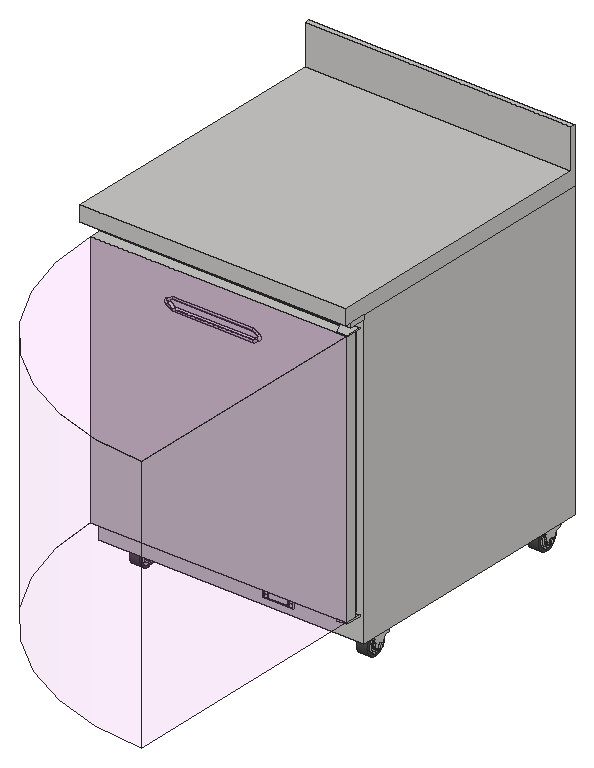
Revit family "QF_Kelvinator_738303_KCHUCWT27F_1-Door_Work_Top_Freezer_27_Long", category Specialty Equipment, Revit 2021
Family settings
  Round Connector Dimension = Use Diameter
  Part Type = Normal
  Work Plane-Based = No
  Always vertical = Yes
  Cut with Voids When Loaded = No
  Shared = No
  Room Calculation Point = No
Parameters
  Weight in Pounds = 152.119
  Watts = 200 W
  Volts = 115 V
  URL Cutsheet = ""
  Specification by User = ""
  Specification by Manufacturer = ""
  Show Right Door [instance] = not(Show Left Door)  # yes
  Show Left Door [instance] = no
  Serial Number = ""
  Seismic Rating = ""
  SMACNA No = ""
  Revision Code = ""
  Refrigerant Type = "R290"
  Phase = 1
  Number of Poles = 1
  NAFEM Spec ID Number = ""
  Model = "738303 (KCHUCWT27F)"
  Min Ckt Ampacity = 0 A
  Max Overcurrent Protection = 0 A
  Masterspec = ""
  Manufacturer = "Kelvinator Commercial"
  Length = 27.756"
  Item Number = "738303"
  Installed By = ""
  Identify Quantity as Lot = yes
  Height = 39.646"
  HP = "1/4"
  Furnished By = ""
  Foodservice Equipment Identifier = yes
  FL Amps = 1.9 A
  Electrical Remarks = ""
  Electric Connection Type = ""
  Elec Conn RI Height = 0.000"
  Elec Conn Connection Height = 0.000"
  Description = "1-Door Work Top Freezer 27\" Long"
  Depth = 29.921"
  Default Elevation = 0.000"
  Cycle = 60 Hz
  Conn Plug = "5-15P"
  Conn Conduit = yes
  CSI MasterFormat = ""
  Apparent Power = 0 VA
Reference planes (in)
  plane 1 "BACK": y = 0
  plane 2: z = 0
  plane 3 "LEFT": x = 0
  plane 4 "RIGHT": x = 27.756
  plane 5 "FRONT": y = -29.921
  plane 6 "TOP": z = 39.646
  plane 7 "Center Y": x = 13.878
  plane 8 "Center X": y = -14.9605
Dimensions and locks (in)
  equal spacing: plane 3 "LEFT", plane 7 "Center Y", plane 4 "RIGHT"
  "Length": plane 3 "LEFT" to plane 4 "RIGHT"
  equal spacing: plane 5 "FRONT", plane 8 "Center X", plane 1 "BACK"
  "Depth": plane 5 "FRONT" to plane 1 "BACK"
  "Height": plane 6 "TOP" to level
  aligned and locked: level to plane 2
Nested families (in)
  nested 1: "KCHST.0001" at (0, 0, 0), Show Left Door <- "Show Left Door", Show Right Door <- "Show Right Door", type "KCHST.0001"
    with Show Right Door yes, Show Left Door no, Show Clearance yes
Connectors (in)
  electrical at (13.856, -0.87772, 2.31881), driven by "Volts", driven by "Watts"
    settings: on nested 1, index 1, voltage 115 V, apparent load 200 VA, apparent load phase1 0 VA, apparent load phase2 0 VA, apparent load phase3 0 VA, power factor 1, load classification "Other", number of poles 1, system type 30, power factor state 1, is connector primary yes, connector utility no, sub classification motor no, connector description ""
Definition of nested family "KCHST.0001"
  Parameters (values of type "KCHST.0001")
    Weight in Pounds = 0
    URL Cutsheet = ""
    Specification by User = ""
    Specification by Manufacturer = ""
    Show Right Door [instance] = yes
    Show Left Door [instance] = yes
    Show Clearance [instance] = yes
    Serial Number = ""
    Seismic Rating = ""
    SMACNA No = ""
    Revision Code = ""
    NAFEM Spec ID Number = ""
    Masterspec = ""
    Length = 27.756"
    Item Number = ""
    Installed By = ""
    Identify Quantity as Lot = yes
    Height = 39.646"
    Furnished By = ""
    Foodservice Equipment Identifier = yes
    Depth = 29.921"
    Default Elevation = 0.000"
    CSI MasterFormat = ""
  Reference planes (in)
    plane 1 "BACK": y = 0
    plane 2: z = 0
    plane 3 "LEFT": x = 0
    plane 4 "RIGHT": x = 27.756
    plane 5 "FRONT": y = -29.921
    plane 6 "TOP": z = 39.646
    plane 7 "Center Y": x = 13.878
    plane 8 "Center X": y = -14.9605
    plane 9: z = 3.1
    plane 10: z = 33.9
    plane 11: y = -56
    plane 12: y = -29.2
    plane 13: z = 32.4
    plane 14: z = 5.6
    plane 15: y = -27.5
    plane 16: x = 25.756
    plane 17: x = 2
    plane 18: x = 27.256
    plane 19: x = 0.5
    plane 20: z = 35.5
    plane 21: y = -27.2
  Forms (in)
    Extrusion 1, solid
      sketch origin (0, 0, 0) x (0, 1, 0) y (0, 0, 1)
        loop
          line (-27.5, 33.9) -> (-27.5, 3.1) -> (0, 3.1) -> (0, 33.9) -> (-27.5, 33.9)
      from 0 to 27.756
    Extrusion 2, solid
      sketch origin (0, 0, 0) x (0, 1, 0) y (0, 0, 1)
        loop
          line (-0.48673, 39.646) -> (-0.48673, 35.5) -> (-29.921, 35.5) -> (-29.921, 33.9) -> (0, 33.9) -> (0, 39.646) -> (-0.48673, 39.646)
      from 0 to 27.756
    Extrusion 3, solid
      sketch origin (0, 0, 0) x (0, 1, 0) y (0, 0, 1)
        loop
          line (-29.2, 33.9) -> (-29.2, 33.4) -> (-27.5, 33.4) -> (-27.5, 33.9) -> (-29.2, 33.9)
      from 0 to 27.756
    Extrusion 4, solid
      sketch origin (13.878, 6.90541, 48) x (0, 1, 0) y (0, 0, 1)
        loop
          line (-36.10541, -15.6) -> (-36.10541, -42.4) -> (-34.95211, -42.4) -> (-34.95211, -15.6) -> (-36.10541, -15.6)
      from 13.378 to -13.378
    Extrusion 5, solid
      sketch origin (0, 0, 0) x (0, 1, 0) y (0, 0, 1)
        loop
          line (-28.04671, 32.20449) -> (-28.04671, 5.81322) -> (-27.79671, 5.81322) -> (-27.79671, 32.20449) -> (-28.04671, 32.20449)
      from 0.74536 to 26.90213
    Extrusion 6, solid
      sketch origin (0, 0.25, 0) x (0, 1, 0) y (0, 0, 1)
        loop
          line (-28.04671, 32.20449) -> (-28.04671, 5.81322) -> (-27.864, 5.81322) -> (-27.864, 32.20449) -> (-28.04671, 32.20449)
      from 0.74536 to 26.90213
    Extrusion 7, solid
      sketch origin (0, 0.4327, 0) x (0, 1, 0) y (0, 0, 1)
        loop
          line (-28.04671, 32.20449) -> (-28.04671, 5.81322) -> (-27.9327, 5.81322) -> (-27.9327, 32.20449) -> (-28.04671, 32.20449)
      from 0.74536 to 26.90213
    Extrusion 8, solid
      sketch origin (-4.97957, -27.5, -4.77927) x (-1, 0, 0) y (0, 0, 1)
        loop
          line (-22.18133, 9.70772) -> (-25.33093, 9.70772) -> (-25.33093, 8.52662) -> (-22.18133, 8.52662) -> (-22.18133, 9.70772)
        loop
          line (-22.26007, 9.63107) -> (-22.65377, 9.63107) -> (-22.65377, 9.31193) -> (-22.26007, 9.31193) -> (-22.26007, 9.63107)
        loop
          line (-22.26007, 9.27674) -> (-22.65377, 9.27674) -> (-22.65377, 8.9576) -> (-22.26007, 8.9576) -> (-22.26007, 9.27674)
        loop
          line (-22.26007, 8.92241) -> (-22.65377, 8.92241) -> (-22.65377, 8.60327) -> (-22.26007, 8.60327) -> (-22.26007, 8.92241)
        loop
          line (-25.25219, 9.63107) -> (-25.25219, 9.31193) -> (-24.85849, 9.31193) -> (-24.85849, 9.63107) -> (-25.25219, 9.63107)
        loop
          line (-25.25219, 9.27674) -> (-25.25219, 8.9576) -> (-24.85849, 8.9576) -> (-24.85849, 9.27674) -> (-25.25219, 9.27674)
        loop
          line (-25.25219, 8.92241) -> (-25.25219, 8.60327) -> (-24.85849, 8.60327) -> (-24.85849, 8.92241) -> (-25.25219, 8.92241)
        loop
          line (-22.73125, 9.63107) -> (-24.78101, 9.63107) -> (-24.78101, 8.60716) -> (-22.73125, 8.60716) -> (-22.73125, 9.63107)
      from 0.07874 to -0.04602
    Extrusion 9, solid
      sketch origin (-4.97957, -27.54602, -4.77927) x (1, 0, 0) y (0, 0, 1)
        loop
          line (24.85849, 9.63107) -> (24.85849, 9.31193) -> (25.25219, 9.31193) -> (25.25219, 9.63107) -> (24.85849, 9.63107)
        loop
          line (24.85849, 9.27674) -> (24.85849, 8.9576) -> (25.25219, 8.9576) -> (25.25219, 9.27674) -> (24.85849, 9.27674)
        loop
          line (24.85849, 8.92241) -> (24.85849, 8.60327) -> (25.25219, 8.60327) -> (25.25219, 8.92241) -> (24.85849, 8.92241)
        loop
          line (22.65377, 9.63107) -> (22.26007, 9.63107) -> (22.26007, 9.31193) -> (22.65377, 9.31193) -> (22.65377, 9.63107)
        loop
          line (22.65377, 9.27674) -> (22.26007, 9.27674) -> (22.26007, 8.9576) -> (22.65377, 8.9576) -> (22.65377, 9.27674)
        loop
          line (22.65377, 8.92241) -> (22.26007, 8.92241) -> (22.26007, 8.60327) -> (22.65377, 8.60327) -> (22.65377, 8.92241)
      from 0 to -0.07874
    Extrusion 10, solid
      sketch origin (-4.97957, -27.54602, -4.77927) x (1, 0, 0) y (0, 0, 1)
        loop
          line (22.73125, 9.63107) -> (22.73125, 8.60716) -> (24.78101, 8.60716) -> (24.78101, 9.63107) -> (22.73125, 9.63107)
      from 0 to -0.07874
    Extrusion 11, void
      sketch origin (-4.97957, -27.5, -4.77927) x (-1, 0, 0) y (0, 0, 1)
        loop
          line (-22.18133, 9.70772) -> (-25.33093, 9.70772) -> (-25.33093, 8.52662) -> (-22.18133, 8.52662) -> (-22.18133, 9.70772)
      from 0 to 0.07874
    Extrusion 12, void
      sketch origin (-15.80943, -29.19996, 31.5181) x (0, 0, 1) y (1, 0, 0)
        loop
          line (-1.94791, 24.94368) -> (-1.94791, 33.29368) -> (-2.28604, 33.83468)
          arc (-2.28604, 33.83468) -> (-2.38541, 33.88976) -> (-2.48479, 33.83468) r 0.11719
          line (-2.48479, 33.83468) -> (-2.82291, 33.29368) -> (-2.82291, 24.94368) -> (-2.48621, 24.40496)
          arc (-2.48621, 24.40496) -> (-2.38541, 24.34909) -> (-2.28462, 24.40496) r 0.11887
          line (-2.28462, 24.40496) -> (-1.94791, 24.94368)
      from 0 to 0.31887
    Sweep 13, solid
      path origin (-15.80943, -26.39996, 31.5181) x (0, 0, -1) y (1, 0, 0)
        loop
          line (2.82291, 33.29368) -> (2.48479, 33.83468)
          arc (2.48479, 33.83468) -> (2.38541, 33.88976) -> (2.28604, 33.83468) r 0.11719
          line (2.28604, 33.83468) -> (1.94791, 33.29368) -> (1.94791, 24.94368) -> (2.28462, 24.40496)
          arc (2.28462, 24.40496) -> (2.38541, 24.34909) -> (2.48621, 24.40496) r 0.11887
          line (2.48621, 24.40496) -> (2.82291, 24.94368) -> (2.82291, 33.29368)
      profile origin (13.30925, -26.39996, 28.69519) x (0, 0, -1) y (0, -1, 0)
        loop
          line (0, 2.8) -> (0.25, 2.8)
          arc (0.25, 2.8) -> (0.125, 2.85269) -> (0, 2.8) r 0.17461
    Extrusion 14, solid
      sketch origin (0.56875, -3.56521, 3.1) x (-1, 0, 0) y (0, 1, 0)
        loop
          circle (-13.28725, 2.68749) r 0.25
      from 0 to 0.78119
    Extrusion 15, solid, visible <- "Show Right Door"
      sketch origin (0, 9.61225, 5.6) x (1, 0, 0) y (0, -1, 0)
        loop
          line (0.5, 38.81225) -> (27.256, 38.81225) -> (27.256, 65.56825)
          arc (27.256, 65.56825) -> (8.33665, 57.7316) -> (0.5, 38.81225) r 26.756
      from 0 to -26.8
    Extrusion 16, solid, visible <- "Show Right Door"
      sketch origin (13.878, -29.2, 32.4) x (0, 1, 0) y (-1, 0, 0)
        loop
          line (1.7, -13.378) -> (1.7, -11.628) -> (0, -12.378) -> (0, -13.378) -> (1.7, -13.378)
      from 0 to 0.13
    Extrusion 17, solid, visible <- "Show Right Door"
      sketch origin (13.878, -28.04671, 5.6) x (-1, 0, 0) y (0, 1, 0)
        loop
          line (-11.628, 0.54671) -> (-13.378, 0.54671) -> (-13.378, -1.15329) -> (-12.378, -1.15329) -> (-11.628, 0.54671)
      from 0 to 0.13
    Extrusion 18, solid, visible <- "Show Left Door"
      sketch origin (13.878, -29.2, 32.4) x (0, 1, 0) y (-1, 0, 0)
        loop
          line (1.7, 13.378) -> (0, 13.378) -> (0, 12.378) -> (1.7, 11.628) -> (1.7, 13.378)
      from 0 to 0.13
    Extrusion 19, solid, visible <- "Show Left Door"
      sketch origin (13.878, -28.04671, 5.6) x (-1, 0, 0) y (0, 1, 0)
        loop
          line (11.628, 0.54671) -> (12.378, -1.15329) -> (13.378, -1.15329) -> (13.378, 0.54671) -> (11.628, 0.54671)
      from 0 to 0.13
    Extrusion 20, solid, visible <- "Show Left Door"
      sketch origin (27.8, 9.61225, 5.6) x (1, 0, 0) y (0, -1, 0)
        loop
          arc (-0.544, 38.81225) -> (-8.38065, 57.7316) -> (-27.3, 65.56825) r 26.756
          line (-27.3, 65.56825) -> (-27.3, 38.81225) -> (-0.544, 38.81225)
      from 0 to -26.8
  Cuts and joins
    Extrusion 11 cuts Extrusion 8
    Extrusion 12 cuts Extrusion 4
  Lines and regions (in)
    symbolic lines
      curve 1: line (27.756, -29.921, 0) -> (27.756, 0, 0)
      curve 2: line (27.756, 0, 0) -> (0, 0, 0)
      curve 3: line (0, 0, 0) -> (0, -29.921, 0)
      curve 4: line (0, -29.921, 0) -> (27.756, -29.921, 0)
      curve 5: line (0, -0.48673, 0) -> (27.756, -0.48673, 0)
    symbolic lines, visible <- "Show Right Door"
      curve 6: arc (0.50327, -29.921, 0) -> (1.59289, -36.79163, 0) -> (4.41646, -43.14932, 0) r 26.76244
      curve 7: line (27.256, -29.921, 0) -> (4.41646, -43.14932, 0)
    symbolic lines, visible <- "Show Left Door"
      curve 8: arc (27.25273, -29.921, 0) -> (26.16311, -36.79163, 0) -> (23.33954, -43.14932, 0) r 26.76244
      curve 9: line (0.5, -29.921, 0) -> (23.33954, -43.14932, 0)
  Dimensions and locks (in)
    equal spacing: plane 3 "LEFT", plane 7 "Center Y", plane 4 "RIGHT"
    "Length": plane 3 "LEFT" to plane 4 "RIGHT"
    equal spacing: plane 5 "FRONT", plane 8 "Center X", plane 1 "BACK"
    "Depth": plane 5 "FRONT" to plane 1 "BACK"
    "Height": plane 6 "TOP" to level
    level to plane 9 = 3.100"
    plane 10 to plane 9 = 30.800"
    plane 11 to plane 1 "BACK" = 56.000"
    plane 14 to plane 13 = 26.800"
    locked: plane 4 "RIGHT" to plane 16 at 2
    locked: plane 3 "LEFT" to plane 17 at 2
    locked: plane 19 to plane 3 "LEFT" at 0.5
    locked: plane 18 to plane 4 "RIGHT" at 0.5
    plane 3 "LEFT" to plane 4 "RIGHT" = 27.756"
    plane 20 to level = 35.500"
    plane 6 "TOP" to plane 20 = 4.146"
    plane 5 "FRONT" to plane 1 "BACK" = 29.921"
    plane 21 to plane 1 "BACK" = 27.200"
    plane 9 to plane 20 = 32.400"
    aligned and locked: level to plane 2
    aligned and locked: plane 16 to nested 1
    aligned and locked: nested 2 to plane 17
    aligned and locked: Extrusion 1 to plane 4 "RIGHT"
    aligned and locked: plane 4 "RIGHT" to Extrusion 1
    aligned and locked: Extrusion 3 to plane 4 "RIGHT"
    aligned and locked: Extrusion 2 to plane 4 "RIGHT"
    aligned and locked: plane 18 to cut or joined group of Extrusion 4, Extrusion 12
    aligned and locked: cut or joined group of Extrusion 4, Extrusion 12 to plane 19
    aligned and locked: plane 16 to nested 3
  Automatic sketch dimensions
    plane 9 to Extrusion 1 sketch curve = 0.000"
    Extrusion 1 sketch curve to plane 15 = 0.000"
    Extrusion 1 sketch curve to plane 1 "BACK" = 0.000"
    Extrusion 1 sketch curve to plane 10 = 0.000"
    Extrusion 2 sketch curve to plane 5 "FRONT" = 0.000"
    Extrusion 2 sketch curve to plane 20 = 0.000"
    Extrusion 2 sketch curve to plane 6 "TOP" = 0.000"
    Extrusion 2 sketch curve to plane 1 "BACK" = 0.000"
    Extrusion 2 sketch curve to plane 10 = 0.000"
    plane 1 "BACK" to Extrusion 2 sketch curve = 0.48673"
    Extrusion 3 sketch curve to plane 10 = 0.000"
    Extrusion 3 sketch curve to plane 12 = 0.000"
    Extrusion 3 sketch curve to plane 15 = 0.000"
    Extrusion 3 sketch curve to Extrusion 3 sketch curve = 0.500"
    Extrusion 4 sketch curve to plane 12 = 0.000"
    plane 14 to Extrusion 4 sketch curve = 0.000"
    plane 13 to Extrusion 4 sketch curve = 0.000"
    Extrusion 4 sketch curve to plane 15 = 0.54671"
    Extrusion 5 sketch curve to plane 14 = 0.21322"
    Extrusion 5 sketch curve to plane 15 = 0.54671"
    Extrusion 5 sketch curve to Extrusion 5 sketch curve = 0.250"
    plane 13 to Extrusion 5 sketch curve = 0.19551"
    Extrusion 6 sketch curve to plane 15 = 0.29671"
    Extrusion 6 sketch curve to plane 15 = 0.114"
    Extrusion 6 sketch curve to plane 14 = 0.21322"
    plane 13 to Extrusion 6 sketch curve = 0.19551"
    Extrusion 7 sketch curve to plane 15 = 0.000"
    Extrusion 7 sketch curve to Extrusion 7 sketch curve = 0.114"
    Extrusion 7 sketch curve to plane 14 = 0.21322"
    plane 13 to Extrusion 7 sketch curve = 0.19551"
    plane 14 to Extrusion 8 sketch curve = 0.67154"
    Extrusion 8 sketch curve to plane 16 = 5.40464"
    Extrusion 8 sketch curve to Extrusion 8 sketch curve = 0.07874"  (x3)
    Extrusion 8 sketch curve to Extrusion 8 sketch curve = 0.000"  (x7)
    Extrusion 8 sketch curve to Extrusion 8 sketch curve = 0.3937"  (x2)
    Extrusion 8 sketch curve to Extrusion 8 sketch curve = 0.07748"  (x3)
    Extrusion 8 sketch curve to plane 9 = 0.72789"
    Extrusion 8 sketch curve to Extrusion 8 sketch curve = 2.04976"
    Extrusion 8 sketch curve to Extrusion 8 sketch curve = 0.00389"  (x2)
    Extrusion 8 sketch curve to Extrusion 8 sketch curve = 0.07665"  (x3)
    Extrusion 8 sketch curve to Extrusion 8 sketch curve = 0.31914"  (x4)
    Extrusion 8 sketch curve to Extrusion 8 sketch curve = 0.03519"  (x4)
    Extrusion 8 to Extrusion 9 sketch curve = 0.000"  (x10)
    Extrusion 9 sketch curve to Extrusion 8 = 0.000"  (x14)
    Extrusion 10 sketch curve to Extrusion 8 = 0.000"  (x3)
    Extrusion 8 to Extrusion 10 sketch curve = 0.000"
    plane 14 to Extrusion 11 sketch curve = 0.67154"
    Extrusion 11 sketch curve to plane 16 = 5.40464"
    Extrusion 11 sketch curve to plane 9 = 0.64735"
    Extrusion 11 sketch curve to Extrusion 11 sketch curve = 3.14961"
    curve 5 to plane 3 "LEFT" = 0.000"
    curve 8 to plane 12 = 0.000"
    curve 8 to plane 19 = 0.000"
    plane 5 "FRONT" to curve 9 = 0.000"
    curve 9 to plane 19 = 0.000"
    curve 7 to plane 18 = 0.000"
    curve 6 to plane 12 = 0.000"
    curve 6 to plane 18 = 0.000"
    curve 4 to plane 4 "RIGHT" = 0.000"
    plane 1 "BACK" to curve 2 = 0.000"
    curve 7 to plane 17 = 2.41646"
    curve 9 to plane 16 = 2.41646"
    curve 7 to plane 11 = 12.85068"
    curve 9 to plane 11 = 12.85068"
    plane 1 "BACK" to curve 5 = 0.48673"
    plane 13 to Extrusion 12 sketch curve = 3.70481"
    Extrusion 12 sketch curve to Extrusion 12 sketch curve = 0.3367"
    Extrusion 12 sketch curve to Extrusion 12 sketch curve = 0.33813"  (x2)
    Extrusion 12 sketch curve to Extrusion 12 sketch curve = 0.09937"  (x2)
    Extrusion 12 sketch curve to Extrusion 12 sketch curve = 0.1008"  (x2)
    Extrusion 12 sketch curve to plane 7 "Center Y" = 5.28247"
    Extrusion 12 sketch curve to Extrusion 12 sketch curve = 0.063"
    Extrusion 12 sketch curve to Extrusion 12 sketch curve = 0.53872"  (x2)
    plane 7 "Center Y" to Extrusion 12 sketch curve = 3.60625"
    Extrusion 12 sketch curve to Extrusion 12 sketch curve = 0.000"
    Extrusion 12 sketch curve to Extrusion 12 sketch curve = 0.47889"
    Extrusion 12 sketch curve to Extrusion 12 sketch curve = 0.06211"
    plane 13 to Sweep 13 sketch curve = 2.82981"
    Sweep 13 sketch curve to Sweep 13 sketch curve = 0.3367"
    Sweep 13 sketch curve to Sweep 13 sketch curve = 0.33813"  (x2)
    Sweep 13 sketch curve to Sweep 13 sketch curve = 0.09937"  (x2)
    Sweep 13 sketch curve to Sweep 13 sketch curve = 0.1008"  (x2)
    Sweep 13 sketch curve to plane 7 "Center Y" = 5.28247"
    Sweep 13 sketch curve to Sweep 13 sketch curve = 0.063"
    Sweep 13 sketch curve to Sweep 13 sketch curve = 0.53872"  (x2)
    plane 7 "Center Y" to Sweep 13 sketch curve = 3.60625"
    Sweep 13 sketch curve to Sweep 13 sketch curve = 0.000"
    Sweep 13 sketch curve to Sweep 13 sketch curve = 0.47889"
    Sweep 13 sketch curve to Sweep 13 sketch curve = 0.06211"
    Sweep 13 sketch curve to profile plane = 0.000"
    Sweep 13 sketch curve to profile plane = 0.125"
    profile plane to Sweep 13 sketch curve = 2.67809"
    Sweep 13 sketch curve to Sweep 13 sketch curve = 0.12191"
    Extrusion 1 to Extrusion 14 sketch curve = 0.87772"
    Extrusion 14 sketch curve to Extrusion 1 = 13.900"
    Extrusion 15 sketch curve to plane 12 = 0.000"
    Extrusion 15 sketch curve to plane 19 = 0.000"
    Extrusion 15 sketch curve to plane 18 = 0.000"
    Extrusion 16 sketch curve to Extrusion 4 = 0.000"
    Extrusion 4 to Extrusion 16 sketch curve = 0.000"
    Extrusion 4 to Extrusion 16 sketch curve = 0.54671"
    Extrusion 4 to Extrusion 16 sketch curve = 1.000"
    Extrusion 4 to Extrusion 16 sketch curve = 1.750"
    Extrusion 17 sketch curve to Extrusion 4 = 0.000"
    Extrusion 4 to Extrusion 17 sketch curve = 0.000"
    Extrusion 17 sketch curve to Extrusion 4 = 1.000"
    Extrusion 17 sketch curve to Extrusion 4 = 0.54671"
    Extrusion 17 sketch curve to Extrusion 4 = 1.750"
    Extrusion 18 sketch curve to Extrusion 4 = 0.000"  (x2)
    Extrusion 4 to Extrusion 18 sketch curve = 0.54671"
    Extrusion 4 to Extrusion 18 sketch curve = 1.000"
    Extrusion 4 to Extrusion 18 sketch curve = 1.750"
    Extrusion 4 to Extrusion 19 sketch curve = 0.000"
    Extrusion 19 sketch curve to Extrusion 4 = 0.000"
    Extrusion 19 sketch curve to Extrusion 4 = 1.000"
    Extrusion 19 sketch curve to Extrusion 4 = 0.54671"
    Extrusion 19 sketch curve to Extrusion 4 = 1.750"
    Extrusion 20 sketch curve to plane 12 = 0.000"
    Extrusion 20 sketch curve to plane 19 = 0.000"
    Extrusion 20 sketch curve to plane 18 = 0.000"
    radius of Extrusion 14 sketch curve = 0.250"
  Nested families (in)
    nested 1: "3 INCHES 01_CASTER" at (25.756, -24.75, 0), type "3 INCHES 01_CASTER"
      with Type Mark "", Specification by User "", Revision Code "", Item Number "", Installed By "", Identify Quantity as Lot yes, Furnished By "", Foodservice Equipment Identifier yes, 3 Inches Caster yes
    nested 2: "3 INCHES 01_CASTER" at (2, -24.75, 0), type "3 INCHES 01_CASTER"
      with Type Mark "", Specification by User "", Revision Code "", Item Number "", Installed By "", Identify Quantity as Lot yes, Furnished By "", Foodservice Equipment Identifier yes, 3 Inches Caster yes
    nested 3: "3 INCHES 01_CASTER" at (25.756, -2.375, 0), type "3 INCHES 01_CASTER"
      with Type Mark "", Specification by User "", Revision Code "", Item Number "", Installed By "", Identify Quantity as Lot yes, Furnished By "", Foodservice Equipment Identifier yes, 3 Inches Caster yes
    nested 4: "3 INCHES 01_CASTER" at (2, -2.375, 0), type "3 INCHES 01_CASTER"
      with Type Mark "", Specification by User "", Revision Code "", Item Number "", Installed By "", Identify Quantity as Lot yes, Furnished By "", Foodservice Equipment Identifier yes, 3 Inches Caster yes
  Definition of nested family "3 INCHES 01_CASTER"
    Parameters (values of type "3 INCHES 01_CASTER")
      Weight = ""
      URL Manufacturer = ""
      URL Cutsheet = ""
      URL = ""
      Type Mark [instance] = ""
      Specification by User [instance] = ""
      Specification by Manufacturer = ""
      Serial Number = ""
      Seismic Rating = ""
      SMACNA No = ""
      Revision Code [instance] = ""
      Omniclass Number and Title = ""
      NAFEM Spec ID Number = ""
      Model = ""
      MasterSpec. = ""
      Manufacturer = ""
      Item Number [instance] = ""
      Installed By [instance] = ""
      Identify Quantity as Lot [instance] = yes
      Furnished By [instance] = ""
      Foodservice Equipment Identifier [instance] = yes
      Description = ""
      Default Elevation = 0.000"
      CSI MasterFormat = ""
      CSI Master Format = ""
      Assembly Code = ""
      3 Inches Caster [instance] = yes
    Reference planes (in)
      plane 1: z = 0
      plane 2 "RIGHT": x = 0
      plane 3 "FRONT": y = 0
      plane 4 "TOP": z = 3.1
    Forms (in)
      Revolve 1, solid, visible <- "3 Inches Caster"
        sketch origin (-1.93794, 0.56004, -1.0041) x (1, 0, 0) y (0, 0, 1)
          loop
            line (0.74055, 2.11347) -> (0.74055, 2.03797) -> (0.79055, 1.98797) -> (0.85055, 1.98797) -> (0.85055, 1.8679) -> (1.235, 1.8679) -> (1.235, 1.7068) -> (1.36441, 1.63209) -> (1.4003, 1.41035) -> (1.34375, 1.41035) -> (1.34375, 1.28535) -> (1.375, 1.28535) -> (1.375, 1.0041) -> (2.48438, 1.0041) -> (2.48438, 1.28535) -> (2.51563, 1.28535) -> (2.51563, 1.41035) -> (2.45908, 1.41035) -> (2.49553, 1.6356) -> (2.62438, 1.70999) -> (2.62438, 1.8679) -> (3.04007, 1.8679) -> (3.04007, 1.98797) -> (3.10007, 1.98797) -> (3.15007, 2.03797) -> (3.15007, 2.11347) -> (0.74055, 2.11347)
          axis (0.74055, 2.11347) -> (3.15007, 2.11347)
        angle from 0 to 360
      Extrusion 2, solid, visible <- "3 Inches Caster"
        sketch origin (-1.93794, 1.35294, -3.2541) x (0, 1, 0) y (0, 0, 1)
          loop
            line (-0.41094, 5.86793) -> (-0.41094, 6.01276) -> (-2.29494, 6.01276) -> (-2.29494, 5.71244) -> (-1.82301, 5.71244)
            arc (-1.82301, 5.71244) -> (-1.00307, 5.59865) -> (-0.19592, 5.41488) r 9.6332
            arc (-0.19592, 5.41488) -> (0.12646, 5.29481) -> (0.42224, 5.11916) r 1.92059
            line (0.42224, 5.11916) -> (0.51314, 5.245)
            arc (0.51314, 5.245) -> (0.27353, 5.42569) -> (0.01201, 5.5729) r 2.25036
            line (0.01201, 5.5729) -> (0.09371, 5.71426)
            arc (0.09371, 5.71426) -> (-0.15272, 5.81043) -> (-0.41094, 5.86793) r 1.73151
        from 1.17357 to 2.70231
      Revolve 3, solid, visible <- "3 Inches Caster"
        sketch origin (0, 1.73858, -3.25) x (0, 1, 0) y (0, 0, 1)
          loop
            line (-1.73858, 6.35) -> (-1.73858, 6.00866) -> (-0.93293, 6.00866) -> (-0.93293, 6.35) -> (-1.73858, 6.35)
          axis (-1.73858, 6.00866) -> (-1.73858, 6.35)
        angle from 0 to 360
      Extrusion 4, solid, visible <- "3 Inches Caster"
        sketch origin (-1.98481, 1.35294, -1.7541) x (0, 1, 0) y (0, 0, 1)
          loop
            line (-2.29494, 4.51276) -> (-2.29494, 4.21244) -> (-2.2074, 4.21244)
            arc (-2.2074, 4.21244) -> (-1.58796, 3.87196) -> (-1.3103, 3.22193) r 1.0835
            arc (-1.3103, 3.22193) -> (-1.27304, 2.98711) -> (-1.19616, 2.76214) r 1.38462
            arc (-1.19616, 2.76214) -> (-0.77704, 2.49744) -> (-0.37393, 2.78593) r 0.44401
            arc (-0.37393, 2.78593) -> (-0.35491, 2.84407) -> (-0.34077, 2.90358) r 0.74034
            arc (-0.34077, 2.90358) -> (-0.07302, 3.38916) -> (0.4279, 3.62699) r 0.90376
            line (0.4279, 3.62699) -> (0.51314, 3.745)
            arc (0.51314, 3.745) -> (0.27353, 3.92569) -> (0.01201, 4.0729) r 2.25036
            line (0.01201, 4.0729) -> (0.09371, 4.21426)
            arc (0.09371, 4.21426) -> (-0.15272, 4.31043) -> (-0.41094, 4.36793) r 1.73151
            line (-0.41094, 4.36793) -> (-0.41094, 4.51276) -> (-2.29494, 4.51276)
        from 2.74918 to 2.90825
      Extrusion 5, solid, visible <- "3 Inches Caster"
        sketch origin (1.98481, 1.35294, -1.7541) x (0, 1, 0) y (0, 0, -1)
          loop
            line (-2.29494, -4.51276) -> (-0.41094, -4.51276) -> (-0.41094, -4.36793)
            arc (-0.41094, -4.36793) -> (-0.15272, -4.31043) -> (0.09371, -4.21426) r 1.73151
            line (0.09371, -4.21426) -> (0.01201, -4.0729)
            arc (0.01201, -4.0729) -> (0.27353, -3.92569) -> (0.51314, -3.745) r 2.25036
            line (0.51314, -3.745) -> (0.4279, -3.62699)
            arc (0.4279, -3.62699) -> (-0.07302, -3.38916) -> (-0.34077, -2.90358) r 0.90376
            arc (-0.34077, -2.90358) -> (-0.35491, -2.84407) -> (-0.37393, -2.78593) r 0.74034
            arc (-0.37393, -2.78593) -> (-0.77704, -2.49744) -> (-1.19616, -2.76214) r 0.44401
            arc (-1.19616, -2.76214) -> (-1.27304, -2.98711) -> (-1.3103, -3.22193) r 1.38462
            arc (-1.3103, -3.22193) -> (-1.58796, -3.87196) -> (-2.2074, -4.21244) r 1.0835
            line (-2.2074, -4.21244) -> (-2.29494, -4.21244) -> (-2.29494, -4.51276)
        from 2.74918 to 2.90825
    Cuts and joins
      joined: Extrusion 2, Extrusion 4, Extrusion 5
    Lines and regions (in)
      symbolic lines, visible <- "3 Inches Caster"
        curve 1: line (0.1877, 1.65194, 0) -> (0.89063, 1.2461, 0)
        curve 2: line (-1.00175, -0.40823, 0) -> (0.1877, 1.65194, 0)
        curve 3: line (-0.29881, -0.81407, 0) -> (-1.00175, -0.40823, 0)
        curve 4: line (0.89063, 1.2461, 0) -> (-0.29881, -0.81407, 0)
    Dimensions and locks (in)
      plane 4 "TOP" to level = 3.100"  (x2)
      aligned and locked: level to plane 1
